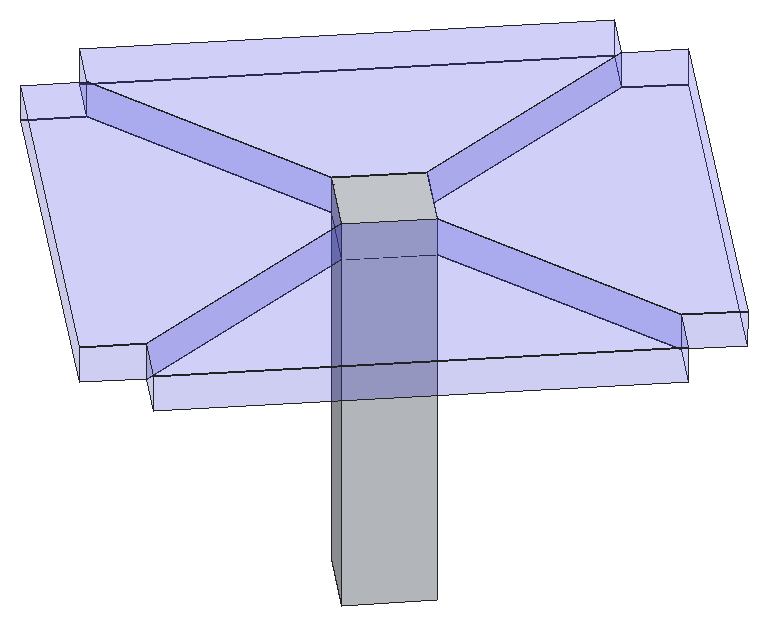
Revit family "АВЛН_Стол трансформер", category Мебель, Revit 2019
Family settings
  Номер OmniClass = 23.40.20.00
  Заголовок OmniClass = General Furniture and Specialties
  На основе рабочей плоскости = Нет
  Всегда вертикально = Да
  При загрузке вырезать с полостями = Нет
  Общий = Нет
  Точка расчета площади = Нет
Parameters (values of type "Стол-трансформер "Трапеция"")
  Описание = "Стол-трансформер \"Трапеция\"; габ.1000х1000мм\r\nh=650-750мм"
  Type Comments = ""
  Keynote = ""
  Manufacturer = ""
  Группа модели = "Оборудование основных помещений школы"
  ADSK_Размер_Ширина = 1000 mm
  ADSK_Размер_Длина = 1000 mm
  ADSK_Размер_Высота = 650 mm
  ADSK_Обозначение = "Радуга-ЛИК серия\r\n«NEO-LITE»"
  ADSK_Масса = 0
  ADSK_Код изделия = ""
  ADSK_Единица измерения = "шт"  # constant formula
Reference planes
  plane 1 "По центру (Вперед/Назад)": y = 0
  plane 2: z = 0
  plane 3 "По центру (Влево/Вправо)": x = 0
  plane 4: z = 650
  plane 5: through (-552.575, 154.532, 1200) normal (-0.7071, 0.7071, 0)
  plane 6: through (60.113, 646.993, 1200) normal (0.7071, 0.7071, 0)
  plane 7: through (-646.993, -60.113, 1200) normal (0.7071, 0.7071, 0)
  plane 8: through (154.532, -552.575, 1200) normal (-0.7071, 0.7071, 0)
Forms (mm)
  Extrusion 1, solid, material "Стекло"
    sketch origin (0, -518.993, 592.976) x (-1, 0, 0) y (0, -1, 0)
      loop
        line (100, -518.993) -> (565.685, -518.993) -> (636.396, -448.282) -> (70.711, 117.403) -> (0, 46.692) -> (0, -418.993) -> (100, -518.993)
    from -2.976 to 57.024
  Extrusion 2, solid, material "Стекло"
    sketch origin (518.993, 0, 592.976) x (0, 1, 0) y (-1, 0, 0)
      loop
        line (100, 518.993) -> (0, 418.993) -> (0, -46.692) -> (70.711, -117.403) -> (636.396, 448.282) -> (565.685, 518.993) -> (100, 518.993)
    from -2.976 to 57.024
  Extrusion 3, solid, material "Стекло"
    sketch origin (-518.993, 0, 592.976) x (0, 1, 0) y (-1, 0, 0)
      loop
        line (100, -518.993) -> (565.685, -518.993) -> (636.396, -448.282) -> (70.711, 117.403) -> (0, 46.692) -> (0, -418.993) -> (100, -518.993)
    from -2.976 to 57.024
  Extrusion 4, solid, material "Стекло"
    sketch origin (0, -518.993, 592.976) x (1, 0, 0) y (0, 1, 0)
      loop
        line (100, 518.993) -> (0, 418.993) -> (0, -46.692) -> (70.711, -117.403) -> (636.396, 448.282) -> (565.685, 518.993) -> (100, 518.993)
    from -2.976 to 57.024
  Extrusion 5, solid
    sketch origin (0, -518.993, 592.976) x (-1, 0, 0) y (0, -1, 0)
      loop
        line (100, -518.993) -> (0, -418.993) -> (-100, -518.993) -> (0, -618.993) -> (100, -518.993)
    from -592.976 to 57.024
Dimensions and locks
  plane 2 to plane 4 = 650 mm
  "ADSK_Размер_Длина": plane 7 to plane 6
  "ADSK_Размер_Ширина": plane 5 to plane 8
  "ADSK_Размер_Высота": plane 2 to plane 4
  equal spacing: plane 6, plane 3 "По центру (Влево/Вправо)", plane 7
  equal spacing: plane 5, plane 3 "По центру (Влево/Вправо)", plane 8
  equal spacing: Extrusion 1 sketch curve, plane 3 "По центру (Влево/Вправо)", Extrusion 1 sketch curve
  locked: Extrusion 1 to Extrusion 1 at 60
  locked: Extrusion 2 to Extrusion 2 at 60
  locked: Extrusion 3 to Extrusion 3 at 60
  locked: Extrusion 4 to Extrusion 4 at 60
  locked: plane 6 to Extrusion 3 at 100
  locked: Extrusion 3 to plane 7 at 100
  locked: plane 5 to Extrusion 2 at 100
  locked: Extrusion 2 to plane 8 at 100
  locked: plane 6 to Extrusion 4 at 100
  locked: Extrusion 4 to plane 7 at 100
  locked: Extrusion 1 to plane 8 at 100
  locked: plane 5 to Extrusion 1 at 100
  locked: Extrusion 2 to Extrusion 1 at 141.421
  locked: Extrusion 4 to Extrusion 3 at 141.421
  aligned and locked: level to plane 2
  aligned and locked: Extrusion 1 sketch curve to plane 1 "По центру (Вперед/Назад)"
  aligned and locked: plane 3 "По центру (Влево/Вправо)" to Extrusion 1 sketch curve
  aligned and locked: Extrusion 1 sketch curve to plane 7
  aligned and locked: Extrusion 1 to plane 4
  aligned and locked: Extrusion 4 to plane 1 "По центру (Вперед/Назад)"
  aligned and locked: Extrusion 4 to plane 3 "По центру (Влево/Вправо)"
  aligned and locked: Extrusion 4 to plane 8
  aligned and locked: plane 1 "По центру (Вперед/Назад)" to Extrusion 2
  aligned and locked: Extrusion 2 to plane 3 "По центру (Влево/Вправо)"
  aligned and locked: Extrusion 2 to plane 6
  aligned and locked: plane 1 "По центру (Вперед/Назад)" to Extrusion 3
  aligned and locked: plane 3 "По центру (Влево/Вправо)" to Extrusion 3
  aligned and locked: Extrusion 3 to plane 5
  aligned and locked: Extrusion 2 to Extrusion 1
  aligned and locked: Extrusion 3 to Extrusion 1
  aligned and locked: Extrusion 1 to Extrusion 4
  aligned and locked: Extrusion 1 to Extrusion 5 sketch curve
  aligned and locked: Extrusion 4 to Extrusion 5 sketch curve
  aligned and locked: Extrusion 2 to Extrusion 5 sketch curve
  aligned and locked: Extrusion 5 sketch curve to Extrusion 3
  aligned and locked: Extrusion 5 to level
  aligned and locked: Extrusion 5 to plane 4
Automatic sketch dimensions
  Extrusion 1 sketch curve to plane 3 "По центру (Влево/Вправо)" = 70.711 mm
  Extrusion 1 sketch curve to plane 3 "По центру (Влево/Вправо)" = 100 mm
  plane 1 "По центру (Вперед/Назад)" to Extrusion 1 sketch curve = 100 mm
  plane 1 "По центру (Вперед/Назад)" to Extrusion 2 sketch curve = 0 mm
  plane 6 to Extrusion 2 sketch curve = 0 mm
  Extrusion 2 sketch curve to plane 3 "По центру (Влево/Вправо)" = 0 mm
  Extrusion 2 sketch curve to plane 6 = 0 mm
  Extrusion 2 sketch curve to plane 1 "По центру (Вперед/Назад)" = 70.711 mm
  Extrusion 2 sketch curve to plane 1 "По центру (Вперед/Назад)" = 100 mm
  Extrusion 2 sketch curve to Extrusion 2 sketch curve = 465.685 mm
  plane 3 "По центру (Влево/Вправо)" to Extrusion 2 sketch curve = 100 mm
  plane 1 "По центру (Вперед/Назад)" to Extrusion 3 sketch curve = 0 mm
  Extrusion 3 sketch curve to plane 5 = 0 mm
  Extrusion 3 sketch curve to plane 3 "По центру (Влево/Вправо)" = 0 mm
  plane 5 to Extrusion 3 sketch curve = 0 mm
  Extrusion 3 sketch curve to plane 1 "По центру (Вперед/Назад)" = 70.711 mm
  Extrusion 3 sketch curve to plane 1 "По центру (Вперед/Назад)" = 100 mm
  Extrusion 3 sketch curve to Extrusion 3 sketch curve = 465.685 mm
  Extrusion 3 sketch curve to plane 3 "По центру (Влево/Вправо)" = 100 mm
  Extrusion 4 sketch curve to plane 3 "По центру (Влево/Вправо)" = 0 mm
  Extrusion 4 sketch curve to plane 8 = 0 mm
  plane 1 "По центру (Вперед/Назад)" to Extrusion 4 sketch curve = 0 mm
  plane 8 to Extrusion 4 sketch curve = 0 mm
  plane 3 "По центру (Влево/Вправо)" to Extrusion 4 sketch curve = 70.711 mm
  plane 3 "По центру (Влево/Вправо)" to Extrusion 4 sketch curve = 100 mm
  Extrusion 4 sketch curve to Extrusion 4 sketch curve = 465.685 mm
  plane 1 "По центру (Вперед/Назад)" to Extrusion 4 sketch curve = 100 mm
